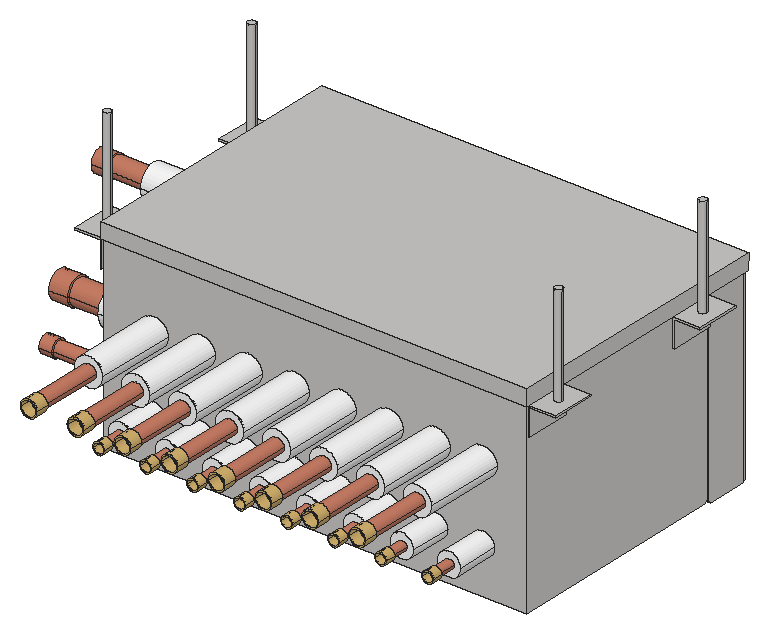
Revit family "Changeover_Box-VRF-Non_ducted-JCI-08_Port", category Mechanical Equipment, Revit 2014 (continued)
Dimensions and locks (in)
  aligned and locked: Extrusion 2 to plane 14 "plate top"
  aligned and locked: Extrusion 4 sketch curve to Extrusion 2  (x4)
  aligned and locked: plane 18 "bolt bottom" to Extrusion 4
  aligned and locked: plane 15 "plate bottom" to Extrusion 4
  aligned and locked: Masking region 4 sketch curve to Masking region 4 sketch curve  (x4)
  aligned and locked: Masking region 4 sketch curve to plane 15 "plate bottom"  (x2)
  aligned and locked: Masking region 4 sketch curve to plane 18 "bolt bottom"  (x2)
  aligned and locked: curve 4 to plane 27 "rod 1 y cl"
  aligned and locked: plane 18 "bolt bottom" to curve 4
  aligned and locked: plane 20 "Cleareance Left" to curve 10
  aligned and locked: curve 9 to plane 24 "Clearance Top"
  aligned and locked: curve 12 to plane 21 "Clearance Right"
  aligned and locked: plane 25 "Clearance Bottom" to curve 11
  aligned and locked: curve 14 to plane 22 "Clearance Front"
  aligned and locked: plane 23 "Clearance Back" to curve 16
  aligned and locked: curve 13 to plane 24 "Clearance Top"
  aligned and locked: plane 25 "Clearance Bottom" to curve 15
  aligned and locked: plane 27 "rod 1 y cl" to curve 1
  aligned and locked: plane 27 "rod 1 y cl" to Extrusion 2 sketch curve  (x2)
  aligned and locked: plane 27 "rod 1 y cl" to curve 2
  aligned and locked: Extrusion 5 to plane 31 "body top"
  aligned and locked: plane 12 "Top" to Extrusion 5
  aligned and locked: Extrusion 6 sketch curve to plane 15 "plate bottom"
  aligned and locked: plane 14 "plate top" to Extrusion 6 sketch curve
  aligned and locked: Extrusion 6 sketch curve to plane 8 "upper bracket left"
  aligned and locked: Extrusion 6 sketch curve to Extrusion 6 sketch curve
  aligned and locked: Extrusion 6 sketch curve to plane 14 "plate top"
  aligned and locked: plane 15 "plate bottom" to Extrusion 6 sketch curve
  aligned and locked: Extrusion 6 sketch curve to plane 34 "bracket bottom"
  aligned and locked: Extrusion 6 sketch curve to plane 9 "upper bracket right"
  aligned and locked: plane 7 "lid right" to Extrusion 6 sketch curve
  aligned and locked: plane 26 "bracket 1 back" to Extrusion 6
  aligned and locked: Extrusion 6 to plane 16 "bracket 1 front"
  aligned and locked: plane 38 "outside discharge gas y cl" to Revolve 7 sketch curve
  aligned and locked: Revolve 7 sketch curve to plane 32 "body left"
  aligned and locked: Revolve 7 sketch curve to plane 45 "outdoor gas insulation left"
  aligned and locked: plane 28 "Left" to Revolve 7 sketch curve
  aligned and locked: Revolve 7 sketch curve to Revolve 7 sketch curve
  aligned and locked: plane 39 "outdoor liquid y cl" to Revolve 8 sketch curve
  aligned and locked: plane 44 "outdoor liquid inuslation left" to Revolve 8 sketch curve
  aligned and locked: plane 32 "body left" to Revolve 8 sketch curve
  aligned and locked: Revolve 8 sketch curve to Revolve 8 sketch curve
  aligned and locked: plane 40 "outside suction gas y cl" to Revolve 9 sketch curve
  aligned and locked: Revolve 9 sketch curve to plane 28 "Left"
  aligned and locked: plane 32 "body left" to Revolve 9 sketch curve
  aligned and locked: Revolve 9 sketch curve to plane 45 "outdoor gas insulation left"
  aligned and locked: Revolve 9 sketch curve to Revolve 9 sketch curve
  aligned and locked: Extrusion 10 sketch curve to plane 4 "Back"
  aligned and locked: Extrusion 10 to plane 12 "Top"
  aligned and locked: Extrusion 10 to plane 13 "Bottom"
  aligned and locked: plane 29 "Right" to Extrusion 1
  aligned and locked: Extrusion 1 to plane 28 "Left"
  aligned and locked: Masking region 7 sketch curve to Masking region 7 sketch curve  (x2)
  aligned and locked: Masking region 7 sketch curve to Revolve 8  (x7)
  aligned and locked: Revolve 8 to Masking region 7 sketch curve
  aligned and locked: plane 6 "lid left" to Masking region 7 sketch curve
  aligned and locked: Masking region 7 to curve 17  (x2)
  aligned and locked: curve 17 to Masking region 7
  aligned and locked: Masking region 7 to curve 18  (x2)
  aligned and locked: curve 18 to Masking region 7
  aligned and locked: Masking region 8 sketch curve to Masking region 8 sketch curve  (x3)
  aligned and locked: Masking region 8 sketch curve to Revolve 9  (x7)
  aligned and locked: plane 6 "lid left" to Masking region 8 sketch curve  (x2)
  aligned and locked: Revolve 9 to Masking region 8 sketch curve
  aligned and locked: Masking region 8 sketch curve to plane 28 "Left"  (x2)
  aligned and locked: Masking region 8 to curve 20  (x2)
  aligned and locked: Masking region 8 to curve 19  (x2)
  aligned and locked: curve 20 to Masking region 8
  aligned and locked: curve 19 to Masking region 8
  aligned and locked: curve 21 to Extrusion 6
  aligned and locked: curve 22 to Extrusion 6
  aligned and locked: curve 23 to Extrusion 6
  aligned and locked: curve 28 to Revolve 9
  aligned and locked: curve 29 to Revolve 9
  aligned and locked: curve 27 to Revolve 8
  aligned and locked: curve 26 to Revolve 8
  aligned and locked: curve 24 to Revolve 7
  aligned and locked: curve 25 to Revolve 7
  aligned and locked: Masking region 9 sketch curve to Extrusion 1  (x4)
  aligned and locked: Masking region 5 sketch curve to plane 34 "bracket bottom"
  aligned and locked: plane 34 "bracket bottom" to Masking region 5 sketch curve
  aligned and locked: Masking region 5 sketch curve to Extrusion 6
  aligned and locked: Masking region 10 sketch curve to Extrusion 1  (x4)
  aligned and locked: plane 20 "Cleareance Left" to curve 31
  aligned and locked: curve 32 to plane 22 "Clearance Front"
  aligned and locked: curve 33 to plane 21 "Clearance Right"
  aligned and locked: plane 23 "Clearance Back" to curve 30
  aligned and locked: plane 38 "outside discharge gas y cl" to Extrusion 11 sketch curve
  aligned and locked: plane 41 "outdoor discharge gas z cl" to Extrusion 11 sketch curve
  aligned and locked: plane 39 "outdoor liquid y cl" to Extrusion 12 sketch curve
  aligned and locked: plane 42 "outdoor liquid z cl" to Extrusion 12 sketch curve
  aligned and locked: plane 40 "outside suction gas y cl" to Extrusion 13 sketch curve
  aligned and locked: plane 43 "outdoor suction gas z cl" to Extrusion 13 sketch curve
  aligned and locked: Extrusion 5 sketch curve to plane 7 "lid right"
  aligned and locked: Extrusion 5 sketch curve to plane 4 "Back"
  aligned and locked: plane 6 "lid left" to Extrusion 5 sketch curve
  aligned and locked: plane 2 to level
  aligned and locked: Extrusion 14 sketch curve to plane 31 "body top"
  aligned and locked: Extrusion 14 sketch curve to plane 47 "body back"
  aligned and locked: Extrusion 14 sketch curve to plane 48 "body front"
  aligned and locked: Extrusion 14 sketch curve to plane 13 "Bottom"
  aligned and locked: Extrusion 14 sketch curve to Extrusion 14 sketch curve
  aligned and locked: Extrusion 14 to plane 32 "body left"
  aligned and locked: plane 33 "body right" to Extrusion 14
  aligned and locked: plane 13 "Bottom" to Extrusion 15 sketch curve
  aligned and locked: plane 30 "trim back 1" to Extrusion 15 sketch curve
  aligned and locked: Extrusion 15 sketch curve to plane 31 "body top"
  aligned and locked: Extrusion 15 to plane 6 "lid left"
  aligned and locked: plane 7 "lid right" to Extrusion 15
  aligned and locked: plane 14 "plate top" to plane 31 "body top"
  aligned and locked: plane 60 "lid front" to Extrusion 5 sketch curve
  aligned and locked: plane 53 "front gas x cl" to Extrusion 16 sketch curve
  aligned and locked: plane 55 to Extrusion 16 sketch curve
  aligned and locked: plane 57 to Extrusion 16 sketch curve
  aligned and locked: plane 59 to Extrusion 16 sketch curve
  aligned and locked: plane 48 "body front" to Extrusion 16
  aligned and locked: Extrusion 16 to plane 61 "gas insulation front"
  aligned and locked: plane 53 "front gas x cl" to Extrusion 17 sketch curve
  aligned and locked: plane 55 to Extrusion 17 sketch curve
  aligned and locked: plane 57 to Extrusion 17 sketch curve
  aligned and locked: plane 59 to Extrusion 17 sketch curve
  aligned and locked: plane 61 "gas insulation front" to Extrusion 17
  aligned and locked: Extrusion 17 to plane 62 "indoor gas socket back"
  aligned and locked: plane 53 "front gas x cl" to Extrusion 18 sketch curve
  aligned and locked: plane 55 to Extrusion 18 sketch curve
  aligned and locked: plane 57 to Extrusion 18 sketch curve
  aligned and locked: plane 59 to Extrusion 18 sketch curve
  aligned and locked: Extrusion 18 to plane 5 "Front"
  aligned and locked: plane 62 "indoor gas socket back" to Extrusion 18
  aligned and locked: plane 53 "front gas x cl" to Extrusion 19 sketch curve
  aligned and locked: plane 55 to Extrusion 19 sketch curve
  aligned and locked: plane 57 to Extrusion 19 sketch curve
  aligned and locked: plane 59 to Extrusion 19 sketch curve
  aligned and locked: Extrusion 19 to plane 65 "gas void front"
  aligned and locked: plane 64 "gas void back" to Extrusion 19
  aligned and locked: plane 52 "front liquid x cl" to Extrusion 20 sketch curve
  aligned and locked: plane 54 to Extrusion 20 sketch curve
  aligned and locked: plane 56 to Extrusion 20 sketch curve
  aligned and locked: plane 58 to Extrusion 20 sketch curve
  aligned and locked: plane 37 "indoor liquid z cl" to Extrusion 20 sketch curve  (x8)
  aligned and locked: plane 52 "front liquid x cl" to Extrusion 21 sketch curve
  aligned and locked: plane 37 "indoor liquid z cl" to Extrusion 21 sketch curve  (x8)
  aligned and locked: plane 54 to Extrusion 21 sketch curve
  aligned and locked: plane 56 to Extrusion 21 sketch curve
  aligned and locked: plane 58 to Extrusion 21 sketch curve
  aligned and locked: plane 63 "indoor liquid socket back" to Extrusion 21
  aligned and locked: plane 52 "front liquid x cl" to Extrusion 22 sketch curve
  aligned and locked: plane 37 "indoor liquid z cl" to Extrusion 22 sketch curve  (x8)
  aligned and locked: plane 54 to Extrusion 22 sketch curve
  aligned and locked: plane 56 to Extrusion 22 sketch curve
  aligned and locked: plane 58 to Extrusion 22 sketch curve
  aligned and locked: plane 66 "liquid void back" to Extrusion 22
  aligned and locked: plane 67 "liquid void front" to Extrusion 22
  aligned and locked: Masking region 11 sketch curve to Masking region 11 sketch curve  (x4)
  aligned and locked: plane 48 "body front" to Masking region 11 sketch curve
  aligned and locked: Masking region 11 to curve 34  (x2)
  aligned and locked: curve 34 to Masking region 11
  aligned and locked: Masking region 11 to curve 35  (x2)
  aligned and locked: curve 35 to Masking region 11
  aligned and locked: plane 60 "lid front" to Masking region 1 sketch curve
  aligned and locked: plane 48 "body front" to Extrusion 10 sketch curve
  aligned and locked: plane 32 "body left" to Extrusion 10 sketch curve
  aligned and locked: Extrusion 10 sketch curve to plane 33 "body right"
  aligned and locked: Masking region 12 sketch curve to plane 4 "Back"
  aligned and locked: Masking region 12 sketch curve to plane 12 "Top"
  aligned and locked: plane 48 "body front" to Masking region 12 sketch curve
  aligned and locked: plane 13 "Bottom" to Masking region 12 sketch curve
  aligned and locked: curve 37 to Extrusion 16
  aligned and locked: curve 39 to Extrusion 16
  aligned and locked: curve 41 to Extrusion 16
  aligned and locked: curve 43 to Extrusion 16
  aligned and locked: curve 44 to cut or joined group of Extrusion 21, Extrusion 22
  aligned and locked: curve 45 to cut or joined group of Extrusion 18, Extrusion 19
  aligned and locked: curve 46 to cut or joined group of Extrusion 21, Extrusion 22
  aligned and locked: curve 47 to cut or joined group of Extrusion 18, Extrusion 19
  aligned and locked: curve 48 to cut or joined group of Extrusion 21, Extrusion 22
  aligned and locked: curve 49 to cut or joined group of Extrusion 18, Extrusion 19
  aligned and locked: curve 50 to cut or joined group of Extrusion 21, Extrusion 22
  aligned and locked: curve 51 to cut or joined group of Extrusion 18, Extrusion 19
  aligned and locked: Masking region 13 sketch curve to Masking region 10  (x4)
  aligned and locked: curve 52 to plane 31 "body top"
  aligned and locked: Masking region 2 to curve 52  (x2)
  aligned and locked: plane 31 "body top" to Masking region 14 sketch curve  (x2)
  aligned and locked: plane 47 "body back" to Masking region 14 sketch curve
  aligned and locked: Masking region 14 sketch curve to plane 4 "Back"
  aligned and locked: Masking region 14 sketch curve to plane 19
  aligned and locked: Masking region 14 sketch curve to plane 13 "Bottom"  (x2)
  aligned and locked: Masking region 14 sketch curve to Extrusion 15
  aligned and locked: Masking region 14 sketch curve to plane 48 "body front"
  aligned and locked: plane 60 "lid front" to Masking region 14 sketch curve
  aligned and locked: plane 48 "body front" to plane 16 "bracket 1 front"
  aligned and locked: Extrusion 23 sketch curve to Extrusion 6  (x12)
  aligned and locked: plane 69 "bracket 2 back" to Extrusion 23
  aligned and locked: Extrusion 23 to plane 68 "bracket 2 front"
  aligned and locked: plane 70 to Extrusion 2 sketch curve  (x2)
  aligned and locked: plane 14 "plate top" to Masking region 4 sketch curve
  aligned and locked: curve 54 to Extrusion 2
  aligned and locked: curve 55 to Extrusion 2
  aligned and locked: plane 29 "Right" to plane 9 "upper bracket right"
  aligned and locked: plane 71 "indoor gas z cl" to Extrusion 16 sketch curve  (x6)
  aligned and locked: plane 52 "front liquid x cl" to Extrusion 16 sketch curve
  aligned and locked: plane 54 to Extrusion 16 sketch curve
  aligned and locked: plane 56 to Extrusion 16 sketch curve
  aligned and locked: plane 58 to Extrusion 16 sketch curve
  aligned and locked: plane 71 "indoor gas z cl" to Extrusion 17 sketch curve  (x8)
  aligned and locked: plane 52 "front liquid x cl" to Extrusion 17 sketch curve
  aligned and locked: plane 54 to Extrusion 17 sketch curve
  aligned and locked: plane 56 to Extrusion 17 sketch curve
  aligned and locked: plane 58 to Extrusion 17 sketch curve
  aligned and locked: plane 71 "indoor gas z cl" to Extrusion 18 sketch curve  (x8)
  aligned and locked: plane 52 "front liquid x cl" to Extrusion 18 sketch curve
  aligned and locked: plane 54 to Extrusion 18 sketch curve
  aligned and locked: plane 58 to Extrusion 18 sketch curve
  aligned and locked: plane 56 to Extrusion 18 sketch curve
  aligned and locked: plane 71 "indoor gas z cl" to Extrusion 19 sketch curve  (x8)
  aligned and locked: plane 52 "front liquid x cl" to Extrusion 19 sketch curve
  aligned and locked: plane 58 to Extrusion 19 sketch curve
  aligned and locked: plane 56 to Extrusion 19 sketch curve
  aligned and locked: plane 54 to Extrusion 19 sketch curve
  aligned and locked: plane 53 "front gas x cl" to Extrusion 20 sketch curve
  aligned and locked: plane 55 to Extrusion 20 sketch curve
  aligned and locked: plane 57 to Extrusion 20 sketch curve
  aligned and locked: plane 59 to Extrusion 20 sketch curve
  aligned and locked: plane 59 to Extrusion 21 sketch curve
  aligned and locked: plane 57 to Extrusion 21 sketch curve
  aligned and locked: plane 55 to Extrusion 21 sketch curve
  aligned and locked: plane 53 "front gas x cl" to Extrusion 21 sketch curve
  aligned and locked: plane 59 to Extrusion 22 sketch curve
  aligned and locked: plane 57 to Extrusion 22 sketch curve
  aligned and locked: plane 55 to Extrusion 22 sketch curve
  aligned and locked: plane 53 "front gas x cl" to Extrusion 22 sketch curve
  aligned and locked: plane 52 "front liquid x cl" to Extrusion 24 sketch curve
  aligned and locked: plane 37 "indoor liquid z cl" to Extrusion 24 sketch curve  (x8)
  aligned and locked: plane 53 "front gas x cl" to Extrusion 24 sketch curve
  aligned and locked: plane 54 to Extrusion 24 sketch curve
  aligned and locked: plane 55 to Extrusion 24 sketch curve
  aligned and locked: plane 56 to Extrusion 24 sketch curve
  aligned and locked: plane 57 to Extrusion 24 sketch curve
  aligned and locked: plane 58 to Extrusion 24 sketch curve
  aligned and locked: plane 59 to Extrusion 24 sketch curve
  aligned and locked: plane 48 "body front" to Extrusion 24
  aligned and locked: plane 73 to Extrusion 24
  aligned and locked: cut or joined group of Extrusion 21, Extrusion 22 to plane 72 "indoor liquid front"
  aligned and locked: Extrusion 20 to plane 73
  aligned and locked: Extrusion 20 to plane 63 "indoor liquid socket back"
  aligned and locked: plane 74 "outside liquid left" to Masking region 7 sketch curve
  aligned and locked: Extrusion 23 to Masking region 15 sketch curve  (x2)
  aligned and locked: Masking region 15 sketch curve to Extrusion 23  (x6)
  aligned and locked: Extrusion 6 to Masking region 15 sketch curve  (x2)
  aligned and locked: Masking region 15 sketch curve to Extrusion 6  (x6)
  aligned and locked: Masking region 8 sketch curve to Revolve 7  (x6)
  aligned and locked: Revolve 7 to Masking region 8 sketch curve
  aligned and locked: plane 45 "outdoor gas insulation left" to Masking region 8 sketch curve  (x2)
  aligned and locked: Masking region 8 to curve 57  (x2)
  aligned and locked: Masking region 8 to curve 56
  aligned and locked: curve 56 to Masking region 8  (x2)
  aligned and locked: curve 57 to Masking region 8
  aligned and locked: Masking region 16 sketch curve to Masking region 16 sketch curve  (x19)
  aligned and locked: plane 5 "Front" to Masking region 16 sketch curve  (x3)
  aligned and locked: Masking region 16 sketch curve to plane 62 "indoor gas socket back"  (x5)
  aligned and locked: plane 61 "gas insulation front" to Masking region 16 sketch curve
  aligned and locked: Masking region 16 sketch curve to plane 60 "lid front"
  aligned and locked: Masking region 16 sketch curve to Extrusion 16  (x16)
  aligned and locked: Masking region 16 sketch curve to Extrusion 17  (x15)
  aligned and locked: Masking region 16 sketch curve to cut or joined group of Extrusion 18, Extrusion 19  (x16)
  aligned and locked: Masking region 16 to curve 58  (x2)
  aligned and locked: curve 58 to Masking region 16
  aligned and locked: Masking region 16 to curve 70  (x2)
  aligned and locked: curve 70 to Masking region 16
  aligned and locked: Masking region 16 to curve 71
  aligned and locked: curve 71 to Masking region 16  (x2)
  aligned and locked: Masking region 16 to curve 59  (x2)
  aligned and locked: curve 59 to Masking region 16
  aligned and locked: curve 60 to Masking region 16
  aligned and locked: Masking region 16 to curve 60  (x2)
  aligned and locked: Masking region 16 to curve 72
  aligned and locked: curve 72 to Masking region 16  (x2)
  aligned and locked: Masking region 16 to curve 73
  aligned and locked: curve 73 to Masking region 16  (x2)
  aligned and locked: curve 61 to Masking region 16
  aligned and locked: Masking region 16 to curve 61  (x2)
  aligned and locked: curve 62 to Masking region 16
  aligned and locked: Masking region 16 to curve 62  (x2)
  aligned and locked: Masking region 16 to curve 74
  aligned and locked: curve 74 to Masking region 16  (x2)
  aligned and locked: curve 63 to Masking region 16
  aligned and locked: Masking region 16 to curve 63  (x2)
  aligned and locked: Masking region 16 to curve 75
  aligned and locked: curve 75 to Masking region 16  (x2)
  aligned and locked: curve 64 to Masking region 16
  aligned and locked: Masking region 16 to curve 64  (x2)
  aligned and locked: Masking region 16 to curve 76
  aligned and locked: curve 76 to Masking region 16  (x2)
  aligned and locked: curve 65 to Masking region 16
  aligned and locked: Masking region 16 to curve 65  (x2)
  aligned and locked: Masking region 16 to curve 77
  aligned and locked: curve 77 to Masking region 16  (x2)
  aligned and locked: plane 35 "control z cl" to Extrusion 25
  aligned and locked: Extrusion 25 to plane 13 "Bottom"
  aligned and locked: curve 82 to Extrusion 23
  aligned and locked: curve 83 to Extrusion 23
  aligned and locked: curve 84 to Extrusion 23
  aligned and locked: curve 85 to Extrusion 15
  aligned and locked: curve 86 to Extrusion 15
  aligned and locked: Masking region 17 sketch curve to plane 45 "outdoor gas insulation left"  (x3)
  aligned and locked: Masking region 17 sketch curve to Masking region 17 sketch curve  (x4)
  aligned and locked: Masking region 17 sketch curve to plane 28 "Left"  (x2)
  aligned and locked: Masking region 17 to curve 89
  aligned and locked: curve 89 to Masking region 17  (x2)
  aligned and locked: Masking region 17 to curve 90  (x3)
  aligned and locked: curve 87 to Masking region 17  (x2)
  aligned and locked: Masking region 17 to curve 87
  aligned and locked: Masking region 17 to curve 88  (x2)
  aligned and locked: curve 88 to Masking region 17
  aligned and locked: curve 53 to Masking region 14
  aligned and locked: Masking region 14 to curve 53
  aligned and locked: plane 6 "lid left" to Masking region 17 sketch curve
  aligned and locked: Masking region 11 sketch curve to plane 73
  aligned and locked: plane 63 "indoor liquid socket back" to Masking region 11 sketch curve
  aligned and locked: Masking region 11 sketch curve to plane 72 "indoor liquid front"
  aligned and locked: curve 91 to Masking region 11  (x2)
  aligned and locked: Masking region 11 to curve 91
  aligned and locked: Masking region 11 to curve 92  (x2)
  aligned and locked: curve 92 to Masking region 11
  aligned and locked: curve 94 to Extrusion 16
  aligned and locked: curve 93 to Extrusion 19
  aligned and locked: curve 95 to Extrusion 16
  aligned and locked: curve 96 to Extrusion 19
  aligned and locked: curve 97 to Extrusion 16
  aligned and locked: curve 98 to Extrusion 19
  aligned and locked: curve 99 to Extrusion 16
  aligned and locked: curve 100 to Extrusion 19
  aligned and locked: curve 102 to Extrusion 24
  aligned and locked: curve 101 to Extrusion 22
  aligned and locked: curve 104 to Extrusion 24
  aligned and locked: curve 103 to Extrusion 22
  aligned and locked: curve 106 to Extrusion 24
  aligned and locked: curve 105 to Extrusion 22
  aligned and locked: curve 108 to Extrusion 24
  aligned and locked: curve 107 to Extrusion 22
  aligned and locked: plane 74 "outside liquid left" to Revolve 8 sketch curve
  aligned and locked: Masking region 18 sketch curve to Masking region 18 sketch curve  (x2)
  aligned and locked: Masking region 18 sketch curve to plane 6 "lid left"
  aligned and locked: plane 74 "outside liquid left" to Masking region 18 sketch curve
  aligned and locked: plane 44 "outdoor liquid inuslation left" to Masking region 18 sketch curve
  aligned and locked: Masking region 18 to curve 109  (x2)
  aligned and locked: Masking region 18 to curve 110  (x2)
  aligned and locked: curve 110 to Masking region 18
  aligned and locked: curve 109 to Masking region 18
  aligned and locked: curve 111 to plane 70
Automatic sketch dimensions
  Revolve 8 sketch curve to plane 20 "Cleareance Left" = 2.41904"
  plane 3 "Center (Left/Right)" to Revolve 8 sketch curve = 2.34596"
  Extrusion 14 sketch curve to plane 30 "trim back 1" = 0.000"
  plane 30 "trim back 1" to Extrusion 14 sketch curve = 0.13317"
  level to Extrusion 14 sketch curve = 0.13317"
  plane 59 to Revolve 7 sketch curve = 1.90891"
  Revolve 7 sketch curve to plane 20 "Cleareance Left" = 0.72109"
  plane 9 "upper bracket right" to Revolve 9 sketch curve = 0.56864"
  Revolve 9 sketch curve to plane 20 "Cleareance Left" = 6.33136"
  Extrusion 16 sketch curve to plane 71 "indoor gas z cl" = 0.000"  (x2)
  plane 30 "trim back 1" to Extrusion 15 sketch curve = 0.13317"
  level to Extrusion 15 sketch curve = 0.13317"
  Masking region 14 sketch curve to plane 30 "trim back 1" = 0.000"
  curve 3 to plane 26 "bracket 1 back" = 0.000"
  plane 18 "bolt bottom" to curve 111 = 0.000"
  curve 111 to plane 17 "Hanging Rods Height" = 0.000"
  curve 23 to plane 14 "plate top" = 0.000"
  curve 21 to plane 14 "plate top" = 0.000"
  curve 69 to plane 61 "gas insulation front" = 0.000"
  curve 81 to plane 62 "indoor gas socket back" = 0.000"
  curve 80 to plane 62 "indoor gas socket back" = 0.000"
  curve 68 to plane 61 "gas insulation front" = 0.000"
  curve 79 to plane 62 "indoor gas socket back" = 0.000"
  curve 67 to plane 61 "gas insulation front" = 0.000"
  curve 78 to plane 62 "indoor gas socket back" = 0.000"
  curve 66 to plane 61 "gas insulation front" = 0.000"
  curve 69 to curve 65 = 0.000"  (x2)
  curve 81 to curve 77 = 0.000"  (x2)
  curve 80 to curve 76 = 0.000"  (x2)
  curve 68 to curve 64 = 0.000"  (x2)
  curve 79 to curve 75 = 0.000"  (x2)
  curve 67 to curve 63 = 0.000"  (x2)
  curve 78 to curve 74 = 0.000"  (x2)
  curve 66 to curve 62 = 0.000"  (x2)
  curve 36 to curve 44 = 0.000"  (x2)
  curve 38 to curve 46 = 0.000"  (x2)
  curve 40 to curve 48 = 0.000"  (x2)
  curve 42 to curve 50 = 0.000"  (x2)
  Extrusion 6 sketch curve to plane 6 "lid left" = 0.000"
  curve 82 to plane 69 "bracket 2 back" = 0.000"
  curve 84 to plane 69 "bracket 2 back" = 0.000"
  curve 85 to level = 0.000"
  curve 86 to plane 14 "plate top" = 0.000"
  level to curve 86 = 0.13317"
  Masking region 11 sketch curve to plane 5 "Front" = 0.000"
  Masking region 11 sketch curve to plane 62 "indoor gas socket back" = 0.000"
  Masking region 11 sketch curve to plane 61 "gas insulation front" = 0.000"
  Masking region 11 sketch curve to plane 16 "bracket 1 front" = 0.000"
  Masking region 16 sketch curve to plane 61 "gas insulation front" = 0.000"  (x7)
  Masking region 16 sketch curve to plane 60 "lid front" = 0.000"  (x7)
  Masking region 16 sketch curve to plane 62 "indoor gas socket back" = 0.000"  (x4)
  Masking region 16 sketch curve to plane 5 "Front" = 0.000"
  Masking region 16 sketch curve to Masking region 16 sketch curve = 0.06403"
  radius of curve 36 = 0.5875"
  radius of curve 38 = 0.5875"
  radius of curve 40 = 0.5875"
  radius of curve 42 = 0.5875"
Connectors (in)
  piping at (-17.59762, 3.9695, 1.625), diameter 1.125, driven by "Outdoor Discharge Gas Radius"
    settings: on Extrusion 11, index 5, connector inside diameter 24", connector length 0.000", flow factor 0, pipe flow 0 GPM, pressure drop 0.00 psi, fitting loss kfactor 0, connector angle 0.00°, fixture units 0, engagement length 0.000", angle of deflection 0.00°, flow configuration 0, flow direction 0, fitting loss method 0, system type 22, joint type 0, gender type 0, connector reference index -1, connector utility 0, adjustable connector no, is connector primary yes, connector description "Outdoor Discharge Gas"
  piping at (-14.48512, -1.156, 2.375), diameter 0.625, driven by "Outdoor Liquid Radius"
    settings: on Extrusion 12, index 6, connector inside diameter 24", connector length 0.000", flow factor 0, pipe flow 0 GPM, pressure drop 0.00 psi, fitting loss kfactor 0, connector angle 0.00°, fixture units 0, engagement length 0.000", angle of deflection 0.00°, flow configuration 0, flow direction 0, fitting loss method 0, system type 22, joint type 0, gender type 0, connector reference index -1, connector utility 0, adjustable connector no, is connector primary no, connector description "Outdoor Liquid"
  piping at (-17.74137, 6.5315, 6.125), diameter 0.875, driven by "Outdoor Suction Gas Radius"
    settings: on Extrusion 13, index 7, connector inside diameter 24", connector length 0.000", flow factor 0, pipe flow 0 GPM, pressure drop 0.00 psi, fitting loss kfactor 0, connector angle 0.00°, fixture units 0, engagement length 0.000", angle of deflection 0.00°, flow configuration 0, flow direction 0, fitting loss method 0, system type 22, joint type 0, gender type 0, connector reference index -1, connector utility 0, adjustable connector no, is connector primary no, connector description "Outdoor Suction Gas"
  piping at (-1.0315, -10.29713, 6.125), diameter 0.625, driven by "Indoor Gas Radius"
    settings: on Extrusion 19, index 9, connector inside diameter 24", connector length 0.000", flow factor 0, pipe flow 0 GPM, pressure drop 0.00 psi, fitting loss kfactor 0, connector angle 0.00°, fixture units 0, engagement length 0.000", angle of deflection 0.00°, flow configuration 0, flow direction 0, fitting loss method 0, system type 22, joint type 0, gender type 0, connector reference index -1, connector utility 0, adjustable connector no, is connector primary no, connector description "Indoor Gas 4"
  piping at (3.7185, -10.29713, 6.125), diameter 0.625, driven by "Indoor Gas Radius"
    settings: on Extrusion 19, index 10, connector inside diameter 24", connector length 0.000", flow factor 0, pipe flow 0 GPM, pressure drop 0.00 psi, fitting loss kfactor 0, connector angle 0.00°, fixture units 0, engagement length 0.000", angle of deflection 0.00°, flow configuration 0, flow direction 0, fitting loss method 0, system type 22, joint type 0, gender type 0, connector reference index -1, connector utility 0, adjustable connector no, is connector primary no, connector description "Indoor Gas 6"
  piping at (8.4685, -10.29713, 6.125), diameter 0.625, driven by "Indoor Gas Radius"
    settings: on Extrusion 19, index 11, connector inside diameter 24", connector length 0.000", flow factor 0, pipe flow 0 GPM, pressure drop 0.00 psi, fitting loss kfactor 0, connector angle 0.00°, fixture units 0, engagement length 0.000", angle of deflection 0.00°, flow configuration 0, flow direction 0, fitting loss method 0, system type 22, joint type 0, gender type 0, connector reference index -1, connector utility 0, adjustable connector no, is connector primary no, connector description "Indoor Gas 8"
  piping at (-3.4065, -6.00288, 2.375), diameter 0.375, driven by "Indoor Liquid Radius"
    settings: on Extrusion 22, index 13, connector inside diameter 24", connector length 0.000", flow factor 0, pipe flow 0 GPM, pressure drop 0.00 psi, fitting loss kfactor 0, connector angle 0.00°, fixture units 0, engagement length 0.000", angle of deflection 0.00°, flow configuration 0, flow direction 0, fitting loss method 0, system type 22, joint type 0, gender type 0, connector reference index -1, connector utility 0, adjustable connector no, is connector primary no, connector description "Indoor Liquid 3"
  piping at (1.3435, -6.00288, 2.375), diameter 0.375, driven by "Indoor Liquid Radius"
    settings: on Extrusion 22, index 14, connector inside diameter 24", connector length 0.000", flow factor 0, pipe flow 0 GPM, pressure drop 0.00 psi, fitting loss kfactor 0, connector angle 0.00°, fixture units 0, engagement length 0.000", angle of deflection 0.00°, flow configuration 0, flow direction 0, fitting loss method 0, system type 22, joint type 0, gender type 0, connector reference index -1, connector utility 0, adjustable connector no, is connector primary no, connector description "Indoor Liquid 5"
  piping at (6.0935, -6.00288, 2.375), diameter 0.375, driven by "Indoor Liquid Radius"
    settings: on Extrusion 22, index 15, connector inside diameter 24", connector length 0.000", flow factor 0, pipe flow 0 GPM, pressure drop 0.00 psi, fitting loss kfactor 0, connector angle 0.00°, fixture units 0, engagement length 0.000", angle of deflection 0.00°, flow configuration 0, flow direction 0, fitting loss method 0, system type 22, joint type 0, gender type 0, connector reference index -1, connector utility 0, adjustable connector no, is connector primary no, connector description "Indoor Liquid 7"
  piping at (-5.7815, -6.00288, 2.375), diameter 0.375, driven by "Indoor Liquid Radius"
    settings: on Extrusion 22, index 16, connector inside diameter 24", connector length 0.000", flow factor 0, pipe flow 0 GPM, pressure drop 0.00 psi, fitting loss kfactor 0, connector angle 0.00°, fixture units 0, engagement length 0.000", angle of deflection 0.00°, flow configuration 0, flow direction 0, fitting loss method 0, system type 22, joint type 0, gender type 0, connector reference index -1, connector utility 0, adjustable connector no, is connector primary no, connector description "Indoor Liquid 2"
  piping at (-1.0315, -6.00288, 2.375), diameter 0.375, driven by "Indoor Liquid Radius"
    settings: on Extrusion 22, index 17, connector inside diameter 24", connector length 0.000", flow factor 0, pipe flow 0 GPM, pressure drop 0.00 psi, fitting loss kfactor 0, connector angle 0.00°, fixture units 0, engagement length 0.000", angle of deflection 0.00°, flow configuration 0, flow direction 0, fitting loss method 0, system type 22, joint type 0, gender type 0, connector reference index -1, connector utility 0, adjustable connector no, is connector primary no, connector description "Indoor Liquid 4"
  piping at (3.7185, -6.00288, 2.375), diameter 0.375, driven by "Indoor Liquid Radius"
    settings: on Extrusion 22, index 18, connector inside diameter 24", connector length 0.000", flow factor 0, pipe flow 0 GPM, pressure drop 0.00 psi, fitting loss kfactor 0, connector angle 0.00°, fixture units 0, engagement length 0.000", angle of deflection 0.00°, flow configuration 0, flow direction 0, fitting loss method 0, system type 22, joint type 0, gender type 0, connector reference index -1, connector utility 0, adjustable connector no, is connector primary no, connector description "Indoor Liquid 6"
  piping at (8.4685, -6.00288, 2.375), diameter 0.375, driven by "Indoor Liquid Radius"
    settings: on Extrusion 22, index 19, connector inside diameter 24", connector length 0.000", flow factor 0, pipe flow 0 GPM, pressure drop 0.00 psi, fitting loss kfactor 0, connector angle 0.00°, fixture units 0, engagement length 0.000", angle of deflection 0.00°, flow configuration 0, flow direction 0, fitting loss method 0, system type 22, joint type 0, gender type 0, connector reference index -1, connector utility 0, adjustable connector no, is connector primary no, connector description "Indoor Liquid 8"
  piping at (-8.1565, -6.00288, 2.375), diameter 0.375, driven by "Indoor Liquid Radius"
    settings: on Extrusion 22, index 24, connector inside diameter 24", connector length 0.000", flow factor 0, pipe flow 0 GPM, pressure drop 0.00 psi, fitting loss kfactor 0, connector angle 0.00°, fixture units 0, engagement length 0.000", angle of deflection 0.00°, flow configuration 0, flow direction 0, fitting loss method 0, system type 22, joint type 0, gender type 0, connector reference index -1, connector utility 0, adjustable connector no, is connector primary no, connector description "Indoor Liquid 1"
  piping at (-8.1565, -10.29713, 6.125), diameter 0.625, driven by "Indoor Gas Radius"
    settings: on Extrusion 19, index 25, connector inside diameter 24", connector length 0.000", flow factor 0, pipe flow 0 GPM, pressure drop 0.00 psi, fitting loss kfactor 0, connector angle 0.00°, fixture units 0, engagement length 0.000", angle of deflection 0.00°, flow configuration 0, flow direction 0, fitting loss method 0, system type 22, joint type 0, gender type 0, connector reference index -1, connector utility 0, adjustable connector no, is connector primary no, connector description "Indoor Gas 1"
  piping at (-3.4065, -10.29713, 6.125), diameter 0.625, driven by "Indoor Gas Radius"
    settings: on Extrusion 19, index 26, connector inside diameter 24", connector length 0.000", flow factor 0, pipe flow 0 GPM, pressure drop 0.00 psi, fitting loss kfactor 0, connector angle 0.00°, fixture units 0, engagement length 0.000", angle of deflection 0.00°, flow configuration 0, flow direction 0, fitting loss method 0, system type 22, joint type 0, gender type 0, connector reference index -1, connector utility 0, adjustable connector no, is connector primary no, connector description "Indoor Gas 3"
  piping at (1.3435, -10.29713, 6.125), diameter 0.625, driven by "Indoor Gas Radius"
    settings: on Extrusion 19, index 27, connector inside diameter 24", connector length 0.000", flow factor 0, pipe flow 0 GPM, pressure drop 0.00 psi, fitting loss kfactor 0, connector angle 0.00°, fixture units 0, engagement length 0.000", angle of deflection 0.00°, flow configuration 0, flow direction 0, fitting loss method 0, system type 22, joint type 0, gender type 0, connector reference index -1, connector utility 0, adjustable connector no, is connector primary no, connector description "Indoor Gas 5"
  piping at (6.0935, -10.29713, 6.125), diameter 0.625, driven by "Indoor Gas Radius"
    settings: on Extrusion 19, index 28, connector inside diameter 24", connector length 0.000", flow factor 0, pipe flow 0 GPM, pressure drop 0.00 psi, fitting loss kfactor 0, connector angle 0.00°, fixture units 0, engagement length 0.000", angle of deflection 0.00°, flow configuration 0, flow direction 0, fitting loss method 0, system type 22, joint type 0, gender type 0, connector reference index -1, connector utility 0, adjustable connector no, is connector primary no, connector description "Indoor Gas 7"
  piping at (-5.7815, -10.29713, 6.125), diameter 0.625, driven by "Indoor Gas Radius"
    settings: on Extrusion 19, index 32, connector inside diameter 24", connector length 0.000", flow factor 0, pipe flow 0 GPM, pressure drop 0.00 psi, fitting loss kfactor 0, connector angle 0.00°, fixture units 0, engagement length 0.000", angle of deflection 0.00°, flow configuration 0, flow direction 0, fitting loss method 0, system type 22, joint type 0, gender type 0, connector reference index -1, connector utility 0, adjustable connector no, is connector primary no, connector description "Indoor Gas 2"
  electrical at (7.0685, 9.594, 0)
    settings: on Extrusion 25, index 34, voltage 0 V, apparent load 0 VA, apparent load phase1 0 VA, apparent load phase2 0 VA, apparent load phase3 0 VA, power factor 1, load classification "Other", number of poles 1, system type 14, power factor state 1, is connector primary yes, connector utility no, sub classification motor no, connector description "Communication 2"
  electrical at (-2.369, 9.594, 0)
    settings: on Extrusion 25, index 35, voltage 0 V, apparent load 0 VA, apparent load phase1 0 VA, apparent load phase2 0 VA, apparent load phase3 0 VA, power factor 1, load classification "Other", number of poles 1, system type 14, power factor state 1, is connector primary no, connector utility no, sub classification motor no, connector description "Communication 1"
  electrical at (-9.3065, 9.969, 0), driven by "Number of Poles", driven by "Load Classification", driven by "Voltage", driven by "Apparent Load", driven by "Power Factor"
    settings: on Extrusion 25, index 36, voltage 208 V, apparent load 104 VA, apparent load phase1 0 VA, apparent load phase2 0 VA, apparent load phase3 0 VA, power factor 0.8, load classification "HVAC", number of poles 2, system type 30, power factor state 1, is connector primary no, connector utility no, sub classification motor no, connector description "Power"
  cabletrayconduit at (-9.3065, 9.969, 0), diameter 0.876
    settings: on Extrusion 25, index 37, connector width 12.000", connector height 12.000", connector angle 0.00°, system type 32, placement type 0, profile type 0, connector reference index -1, is primary connector yes, connector utility param no, connector description "Power Conduit"
  cabletrayconduit at (-2.369, 9.594, 0), diameter 1
    settings: on Extrusion 25, index 38, connector width 12.000", connector height 12.000", connector angle 0.00°, system type 32, placement type 0, profile type 0, connector reference index -1, is primary connector no, connector utility param no, connector description "Communication 1 Conduit"
  cabletrayconduit at (7.0685, 9.594, 0), diameter 1
    settings: on Extrusion 25, index 39, connector width 12.000", connector height 12.000", connector angle 0.00°, system type 32, placement type 0, profile type 0, connector reference index -1, is primary connector no, connector utility param no, connector description "Communication 2 Conduit"
Types (3): name | Voltage | Type Comments | Apparent Load
  (no name) | 208 V | "COB08M264B22S 208v" | 104 VA
  208v | 208 V | "COB08M264B22S 208v" | 104 VA
  230v | 230 V | "COB08M264B22S 230v" | 115 VA
